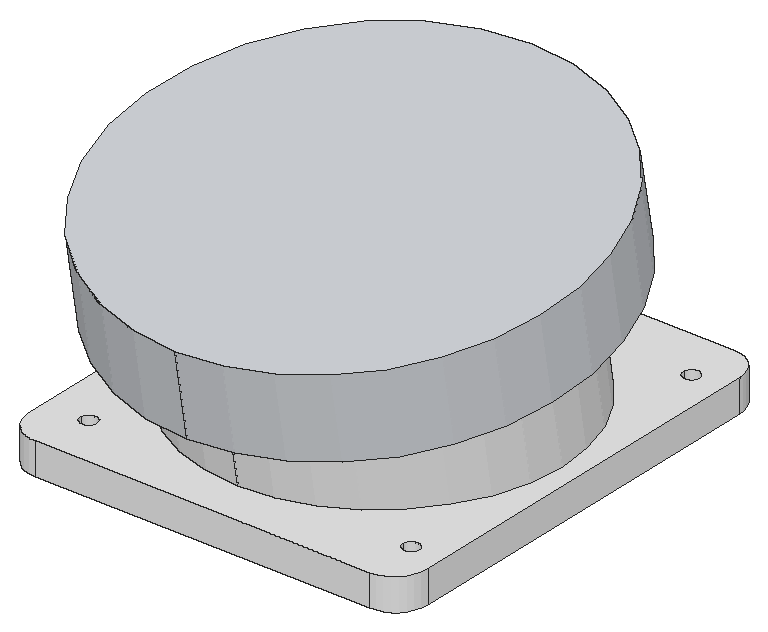
Revit family "Building-ConnessioniIEC309-GEWISS-IEC309HP-PRESE_FISSE_INC_10°_63A_IP66-67", category Apparecchi elettrici, host Superficie, Revit 2019
Family settings
  Host = Superficie
  Mantenere orientamento annotazione = Sì
  Quota connettore circolare = Usa diametro
  Tipo di parte = Normale
  Taglio con vuoti quando caricato = No
  Condiviso = No
  Punto di calcolo locali = Sì
Parameters (values of type "GW63269H - PR.INC.10° HP IP67 2P+T 63A-250Vcc 8H")
  simbolo acceso [instance] = yes
  distanza_simbolo [instance] = 1 mm
  distanza dal piano [instance] = 0 mm
  W = 115 mm  # constant formula
  Voltaggio = 0 V
  Versione file RFA = "21.11"
  URL = "https://www.gewiss.com/it/it"
  Tipologia = "Presa fissa da incasso 10°"
  Tipo Materiale = "Halogen free secondo norma EN 60754-2"
  Tipo Cablaggio = "A mantello"
  Termopressione con biglia = "125 °C (Parti attive) - 80 °C (Parti passive)"
  Tensione nominale: = "-250 V"
  Temperatura di utilizzo = "-25 +55 °C"
  Spostamento_effettivo_S [instance] = 4000 mm - Spostamento_S  # 3050 mm
  Spostamento_S = 950 mm
  Sportello_visibile = yes
  Scheda Tecnica = "https://www.gewiss.com/it/it/search?q=GW63269H"
  SPinotto = Default(2)
  SEO = "Presa"
  Riferimento h = "8"
  Resistenza di isolamento = "- 10 M?"
  Resistenza agli urti = "IK09"
  Prospetto di default = 500 mm
  Produttore = "GEWISS S.p.A."
  Potere d'interruzione a 1,1 Un = "79A"
  Piastra = Default(2)
  N.poli = 1
  N. poli = "2P+T"
  N. Manovre complessive = "-2000"
  Modello = "GW63269H"
  L = 155 mm  # constant formula
  Immagine tipo = (empty or 0)
  IDT = "f31e6adf160a4e7098cc0e80221f4c29"
  IDF = "75769a8a-6c09-4904-b595-df7f522446c4"
  Grado di protezione = "IP66/IP67"
  Glow wire test: = "850 °C (Parti attive) - 650 °C (Parti passive)"
  Frequenza = "c.c."
  FORMULA = 1000 mm * 1  # 1000 mm
  Dimensioni flangia (mm) = "110x100"
  Descrizione = "PR.INC.10° HP IP67 2P+T 63A >250Vcc 8H"
  Creato da GEWISS S.p.A. = ""
  Corrente nominale (A) = "63"
  Corpo centrale = Default(2)
  Colore: = "Grigio"
  Codice Electrocod = "2211"
  Catalogo = "BUILDING"
  Caratteristiche = ""
  CapacitÃ  serraggio morsetti = "6-16 mm² cavi flessibili - 6-25 mm² cavi rigidi"
  COBie.Tagnumber = ""
  COBie.CreatedOn = ""
  COBie.CreatebBy = ""
  COBie.ComponentRegisterItemID = ""
  COBie.Component.TagNumber = ""
  COBie.Component.Space = ""
  COBie.Component.SerialNumber = ""
  COBie.Component.InstallationDate = ""
  COBie.Component.Description = ""
  COBie.Component.BarCode = ""
  BLOCCO = "B=C"
Types (27, lengths in mm): name | Tensione nominale: | Scheda Tecnica | Riferimento h | N. poli | Modello | IDT | Frequenza | Descrizione | Colore: | Caratteristiche
  GW63246H - PR.INC.10° HP IP67 2P+T 63A 110V 4H | "100 - 130 V" | "https://www.gewiss.com/it/it/search?q=GW63246H" | "4" | "2P+T" | "GW63246H" | "64373ac5fd5345248effe9ea556f403e" | "50/60 Hz" | "PR.INC.10° HP IP67 2P+T 63A 110V 4H" | "Giallo" | ""
  GW63247H - PR.INC.10° HP IP67 3P+T 63A 110V 4H | "100 - 130 V" | "https://www.gewiss.com/it/it/search?q=GW63247H" | "4" | "3P+T" | "GW63247H" | "96fff2f2b0d14c53a42f5cbcbe85e18c" | "50/60 Hz" | "PR.INC.10° HP IP67 3P+T 63A 110V 4H" | "Giallo" | ""
  GW63248H - PR.INC.10° HP IP67 3P+N+T 63A 110V 4H | "100 - 130 V" | "https://www.gewiss.com/it/it/search?q=GW63248H" | "4" | "3P+N+T" | "GW63248H" | "d0fdf3bd18f941a287cdd9c3bc56534c" | "50/60 Hz" | "PR.INC.10° HP IP67 3P+N+T 63A 110V 4H" | "Giallo" | ""
  GW63249H - PR.INC.10° HP IP67 2P+T 63A 230V 6H | "200 - 250 V" | "https://www.gewiss.com/it/it/search?q=GW63249H" | "6" | "2P+T" | "GW63249H" | "590c302058ee47b193fc130dc2678151" | "50/60 Hz" | "PR.INC.10° HP IP67 2P+T 63A 230V 6H" | "Blu" | ""
  GW63249PH - PR.INC.10° HP IP67 2P+T 63A 230V 6H CP | "200 - 250 V" | "https://www.gewiss.com/it/it/search?q=GW63249PH" | "6" | "2P+T" | "GW63249PH" | "6777cdde86e34b05afa117d8ca89d644" | "50/60 Hz" | "PR.INC.10° HP IP67 2P+T 63A 230V 6H CP" | "Blu" | "Contatto pilota"
  GW63250H - PR.INC.10° HP IP67 3P+T 63A 230V 9H | "200 - 250 V" | "https://www.gewiss.com/it/it/search?q=GW63250H" | "9" | "3P+T" | "GW63250H" | "724f12282a7745d1b1d71ad95c7dc122" | "50/60 Hz" | "PR.INC.10° HP IP67 3P+T 63A 230V 9H" | "Blu" | ""
  GW63251H - PR.INC.10° HP IP67 3P+N+T 63A 230V 9H | "200 - 250 V" | "https://www.gewiss.com/it/it/search?q=GW63251H" | "9" | "3P+N+T" | "GW63251H" | "57373d4f788a4e2185e3be7ed1a3eb96" | "50/60 Hz" | "PR.INC.10° HP IP67 3P+N+T 63A 230V 9H" | "Blu" | ""
  GW63252H - PR.INC.10° HP IP67 2P+T 63A 400V 9H | "380 - 415 V" | "https://www.gewiss.com/it/it/search?q=GW63252H" | "9" | "2P+T" | "GW63252H" | "c1dc21a1ba424380b11c58b6eb3752e8" | "50/60 Hz" | "PR.INC.10° HP IP67 2P+T 63A 400V 9H" | "Rosso" | ""
  GW63253H - PR.INC.10° HP IP67 3P+T 63A 400V 6H | "380 - 415 V" | "https://www.gewiss.com/it/it/search?q=GW63253H" | "6" | "3P+T" | "GW63253H" | "769f8592287248289d4500e1675262f6" | "50/60 Hz" | "PR.INC.10° HP IP67 3P+T 63A 400V 6H" | "Rosso" | ""
  GW63253PH - PR.INC.10° HP IP67 3P+T 63A 400V 6H CP | "380 - 415 V" | "https://www.gewiss.com/it/it/search?q=GW63253PH" | "6" | "3P+T" | "GW63253PH" | "0666ebda405846109e46a50849688af2" | "50/60 Hz" | "PR.INC.10° HP IP67 3P+T 63A 400V 6H CP" | "Rosso" | "Contatto pilota"
  GW63254H - PR.INC.10° HP IP67 3P+N+T 63A 400V 6H | "346 - 415 V" | "https://www.gewiss.com/it/it/search?q=GW63254H" | "6" | "3P+N+T" | "GW63254H" | "06785219332e43aaa5b252b5556ee789" | "50/60 Hz" | "PR.INC.10° HP IP67 3P+N+T 63A 400V 6H" | "Rosso" | ""
  GW63254PH - PR.INC.10° HP IP67 3P+N+T 63A 400V 6H CP | "346 - 415 V" | "https://www.gewiss.com/it/it/search?q=GW63254PH" | "6" | "3P+N+T" | "GW63254PH" | "c7567ee8ac624c2e87592bcd6a4c51e8" | "50/60 Hz" | "PR.INC.10° HP IP67 3P+N+T 63A 400V 6H CP" | "Rosso" | "Contatto pilota"
  GW63255H - PR.INC.10° HP IP67 3P+T 63A 500V 7H | "480 - 500 V" | "https://www.gewiss.com/it/it/search?q=GW63255H" | "7" | "3P+T" | "GW63255H" | "a74f5f1c0d834135aefcf7329f393ffb" | "50/60 Hz" | "PR.INC.10° HP IP67 3P+T 63A 500V 7H" | "Nero" | ""
  GW63256H - PR.INC.10° HP IP67 3P+N+T 63A 500V 7H | "480 - 500 V" | "https://www.gewiss.com/it/it/search?q=GW63256H" | "7" | "3P+N+T" | "GW63256H" | "b61eb6284d754539b853e3448a6bd979" | "50/60 Hz" | "PR.INC.10° HP IP67 3P+N+T 63A 500V 7H" | "Nero" | ""
  GW63257H - PR.INC.10° HP IP67 2P+T 63A 500V 7H | "480 - 500 V" | "https://www.gewiss.com/it/it/search?q=GW63257H" | "7" | "2P+T" | "GW63257H" | "38b3edc20e7e4604946dd5b96bc01d56" | "50/60 Hz" | "PR.INC.10° HP IP67 2P+T 63A 500V 7H" | "Nero" | ""
  GW63258H - PR.INC.10° HP IP67 3P+T 63A 690V 5H | "600 - 690 V" | "https://www.gewiss.com/it/it/search?q=GW63258H" | "5" | "3P+T" | "GW63258H" | "d70c01c4ad544787a6cc34f018b554c1" | "50/60 Hz" | "PR.INC.10° HP IP67 3P+T 63A 690V 5H" | "Nero" | ""
  GW63259H - PR.INC.10° HP IP67 3P+N+T 63A 690V 5H | "600 - 690 V" | "https://www.gewiss.com/it/it/search?q=GW63259H" | "5" | "3P+N+T" | "GW63259H" | "9395ad7f9e8d432299ec69dac31f8194" | "50/60 Hz" | "PR.INC.10° HP IP67 3P+N+T 63A 690V 5H" | "Nero" | ""
  GW63260H - PR.INC.10° HP IP67 2P+T 63A-50V 10H | "-50 V" | "https://www.gewiss.com/it/it/search?q=GW63260H" | "10" | "2P+T" | "GW63260H" | "0c2841780ee94c02af126f3014c55105" | "100 - 300 Hz" | "PR.INC.10° HP IP67 2P+T 63A >50V 10H" | "Verde" | ""
  GW63261H - PR.INC.10° HP IP67 3P+T 63A-50V 10H | "-50 V" | "https://www.gewiss.com/it/it/search?q=GW63261H" | "10" | "3P+T" | "GW63261H" | "1290900aa11448b28a0f71ef3db6efdf" | "100 - 300 Hz" | "PR.INC.10° HP IP67 3P+T 63A >50V 10H" | "Verde" | ""
  GW63262H - PR.INC.10° HP IP67 3P+N+T 63A-50V 10H | "-50 V" | "https://www.gewiss.com/it/it/search?q=GW63262H" | "10" | "3P+N+T" | "GW63262H" | "946f4d0326224ca1bf81d29c6a9ba316" | "100 - 300 Hz" | "PR.INC.10° HP IP67 3P+N+T 63A >50V 10H" | "Verde" | ""
  GW63263H - PR.INC.10° HP IP67 2P+T 63A-50V 2H | "-50 V" | "https://www.gewiss.com/it/it/search?q=GW63263H" | "2" | "2P+T" | "GW63263H" | "b8ad0c41e2d748ff9f7afd136abeff2f" | "-300 - 500 Hz" | "PR.INC.10° HP IP67 2P+T 63A >50V 2H" | "Verde" | ""
  GW63264H - PR.INC.10° HP IP67 3P+T 63A-50V 2H | "-50 V" | "https://www.gewiss.com/it/it/search?q=GW63264H" | "2" | "3P+T" | "GW63264H" | "db84880caa4d4de2bb52969cf19a798b" | "-300 - 500 Hz" | "PR.INC.10° HP IP67 3P+T 63A >50V 2H" | "Verde" | ""
  GW63265H - PR.INC.10° HP IP67 3P+N+T 63A-50V 2H | "-50 V" | "https://www.gewiss.com/it/it/search?q=GW63265H" | "2" | "3P+N+T" | "GW63265H" | "99533b0e57f246a4b07afcb182b23db5" | "-300 - 500 Hz" | "PR.INC.10° HP IP67 3P+N+T 63A >50V 2H" | "Verde" | ""
  GW63266H - PR.INC.10° HP IP67 3P+T 63A 440÷460V 11H | "440 - 460 V" | "https://www.gewiss.com/it/it/search?q=GW63266H" | "11" | "3P+T" | "GW63266H" | "66f0d861c6154ce8b9f98feb3c89eacd" | "60 Hz" | "PR.INC.10° HP IP67 3P+T 63A 440÷460V 11H" | "Rosso" | ""
  GW63267H - PR.INC.10° HP IP67 3P+N+T 63A440÷460V11H | "440 - 460 V" | "https://www.gewiss.com/it/it/search?q=GW63267H" | "11" | "3P+N+T" | "GW63267H" | "81e3b2d1e5be4bf19c3afb40f5f958ea" | "60 Hz" | "PR.INC.10° HP IP67 3P+N+T 63A440÷460V11H" | "Rosso" | ""
  GW63268H - PR.INC.10° HP IP67 2P+T 63A-50÷250Vcc3H | "-50 - 250 V" | "https://www.gewiss.com/it/it/search?q=GW63268H" | "3" | "2P+T" | "GW63268H" | "1f7de29cd3b2492d916bfb5dd67cf8a2" | "c.c." | "PR.INC.10° HP IP67 2P+T 63A >50÷250Vcc3H" | "Grigio" | ""
  GW63269H - PR.INC.10° HP IP67 2P+T 63A-250Vcc 8H | "-250 V" | "https://www.gewiss.com/it/it/search?q=GW63269H" | "8" | "2P+T" | "GW63269H" | "f31e6adf160a4e7098cc0e80221f4c29" | "c.c." | "PR.INC.10° HP IP67 2P+T 63A >250Vcc 8H" | "Grigio" | ""
Reference planes
  plane 1 "Centro (Fronte/Retro)": y = 0
  plane 2: z = 0
  plane 3 "Centro (Sinistra/Destra)": x = 0
  plane 4: x = -3000
  plane 5: x = 50
  plane 6: z = 0
Dimensions and locks
  plane 4 to plane 3 "Centro (Sinistra/Destra)" = 3000 mm
  "Spostamento_effettivo_S": plane 4 to plane 5
  "distanza dal piano": plane 6 to plane 2
  aligned and locked: plane 2 to host face
  aligned and locked: level to host face
  aligned and locked: plane 3 "Centro (Sinistra/Destra)" to nested 1
  aligned and locked: plane 1 "Centro (Fronte/Retro)" to nested 1
  aligned and locked: nested 2 to plane 5
Automatic sketch dimensions
  host sketch curve to host sketch curve = 2438.4 mm  (x2)
Nested families
  nested 1: "IEC309 PRESE FISSE INCASSO 10' 63A IP66-67_base" at (0, 0, 0), type "IEC309 PRESE FISSE INCASSO 10' 63A IP66-67_base"
  nested 2: "GWGW62201FH - SIMBOLO_PRESA" at (50, 171.559, 0), visible <- "simbolo acceso", Distanza dal muro <- "distanza_simbolo", type "3P"
    with SIMBOLO ACCESO yes, Distanza dal muro 1 mm
Connectors
  electrical at (37.5, 30, 0), driven by "N.poli", driven by "Voltaggio"
    settings: on nested 1, index 1, voltage 0 V, apparent load 0 VA, apparent load phase1 0 VA, apparent load phase2 0 VA, apparent load phase3 0 VA, power factor 1, load classification "Altro", number of poles 1, system type 31, power factor state 1, is connector primary yes, connector utility no, sub classification motor no, connector description ""
Definition of nested family "IEC309 PRESE FISSE INCASSO 10' 63A IP66-67_base"
  Parameters (values of type "IEC309 PRESE FISSE INCASSO 10' 63A IP66-67_base")
    sp_ghiera = 16 mm
    r2 = 39 mm
    h = 114 mm  # constant formula
    dis_base = 71 mm
    Sportello = yes
    Spinotto = none
    R1 = 45 mm
    PIASTRA = none
    Lunghezza totale = 140 mm
    CENTRALE = none
    Bsae = 100 mm  # constant formula
  Reference planes
    plane 1 "Centro (Fronte/Retro)": y = 0
    plane 2: z = 0
    plane 3 "Centro (Sinistra/Destra)": x = 0
    plane 4: x = 100
    plane 5: y = 13
    plane 6: x = 92
    plane 7: y = 101
    plane 8: y = 114
    plane 9: z = 8.057
    plane 10: z = 23.239
    plane 11: y = 55
    plane 12: x = 50
  Forms (mm)
    Extrusion 1, solid, material <- "PIASTRA"
      sketch origin (0, 0, 0) x (1, 0, 0) y (0, 1, 0)
        loop
          arc (8, 114) -> (2.343, 111.657) -> (0, 106) r 8
          line (0, 106) -> (0, 8)
          arc (0, 8) -> (2.343, 2.343) -> (8, 0) r 8
          line (8, 0) -> (92, 0)
          arc (92, 0) -> (97.657, 2.343) -> (100, 8) r 8
          line (100, 8) -> (100, 106)
          arc (100, 106) -> (97.657, 111.657) -> (92, 114) r 8
          line (92, 114) -> (8, 114)
      from 0 to 8.057
    Extrusion 2, void
      sketch origin (0, 0, 0) x (1, 0, 0) y (0, 1, 0)
        loop
          circle (11, 101) r 2.072
        loop
          circle (92, 101) r 2.072
        loop
          circle (11, 13) r 2.072
        loop
          circle (92, 13) r 2.072
      from 0 to 8.057
    Sweep 3, solid
      path origin (0, 22.5, 4.375) x (0, 1, 0) y (0, 0, 1)
        loop
          line (31.399, 31.724) -> (27.61, 52.968)
      profile origin (0, 52.005, 46.721) x (0, -0.98447, -0.175554) y (1, 0, 0)
        loop
          circle (2.861, 50) r 57
    Sweep 4, solid, material <- "PIASTRA"
      path origin (0, 19.375, 5) x (0, 1, 0) y (0, 0, 1)
        loop
          line (31.823, 29.346) -> (37.947, -5)
      profile origin (0, 54.26, 17.173) x (0, 0.98447, 0.175554) y (1, 0, 0)
        loop
          circle (0.728, 50) r 45
    Extrusion 5, solid
      sketch origin (0, 0, 0) x (0, 1, 0) y (0, 0, 1)
        loop
          line (87.879, 27.406) -> (91.291, 8.057) -> (107.891, 8.057) -> (114.358, 20.197)
          arc (114.358, 20.197) -> (115.047, 22.576) -> (114.715, 25.03) r 6
          arc (114.715, 25.03) -> (112.556, 29.598) -> (107.674, 30.897) r 6
          line (107.674, 30.897) -> (87.879, 27.406)
      from 33.937 to 42.078
    Extrusion 6, solid
      sketch origin (0, 0, 0) x (0, 1, 0) y (0, 0, 1)
        loop
          line (114.624, 26.03) -> (113.322, 33.416)
          arc (113.322, 33.416) -> (112.705, 34.384) -> (111.585, 34.633) r 1.5
          line (111.585, 34.633) -> (109.124, 34.199) -> (108.683, 36.66) -> (102.976, 35.653) -> (102.699, 37.229) -> (96.374, 36.114) -> (99.035, 29.374) -> (107.674, 30.897)
          arc (107.674, 30.897) -> (112.157, 29.903) -> (114.624, 26.03) r 6
      from 42.078 to 57.922
    Extrusion 7, solid
      sketch origin (100, 0, 0) x (0, 1, 0) y (0, 0, -1)
        loop
          line (87.879, -27.406) -> (107.674, -30.897)
          arc (107.674, -30.897) -> (112.556, -29.598) -> (114.715, -25.03) r 6
          arc (114.715, -25.03) -> (115.047, -22.576) -> (114.358, -20.197) r 6
          line (114.358, -20.197) -> (107.891, -8.057) -> (91.291, -8.057) -> (87.879, -27.406)
      from 33.937 to 42.078
  Cuts and joins
    Extrusion 2 cuts Extrusion 1
    joined: Extrusion 1, Sweep 4
  Dimensions and locks
    "Bsae": plane 3 "Centro (Sinistra/Destra)" to plane 4
    locked: plane 6 to plane 4 at 8
    "h": plane 1 "Centro (Fronte/Retro)" to plane 8
    plane 3 "Centro (Sinistra/Destra)" to plane 4 = 100 mm
    locked: plane 9 to level at 8.057
    plane 10 to plane 9 = 15.181 mm
    plane 8 to plane 7 = 13 mm
    equal spacing: plane 3 "Centro (Sinistra/Destra)", plane 12, plane 4
    radius of Extrusion 1 sketch curve = 8 mm  (x4)
    "R1": radius of Sweep 4 sketch curve
    aligned and locked: level to plane 2
    aligned and locked: plane 8 to Extrusion 1
    aligned and locked: Extrusion 1 to plane 3 "Centro (Sinistra/Destra)"
    aligned and locked: plane 1 "Centro (Fronte/Retro)" to Extrusion 1
    aligned and locked: Extrusion 1 to plane 4
    aligned and locked: plane 7 to Extrusion 2 sketch curve  (x2)
    aligned and locked: plane 6 to Extrusion 2 sketch curve  (x2)
    aligned and locked: Extrusion 2 sketch curve to plane 5
    aligned and locked: plane 5 to Extrusion 2 sketch curve
    aligned and locked: plane 12 to Sweep 4 sketch curve
  Automatic sketch dimensions
    Extrusion 1 sketch curve to plane 3 "Centro (Sinistra/Destra)" = 0 mm
    Extrusion 1 sketch curve to plane 6 = 0 mm
    plane 1 "Centro (Fronte/Retro)" to Extrusion 1 sketch curve = 0 mm
    Extrusion 1 sketch curve to plane 8 = 0 mm
    plane 3 "Centro (Sinistra/Destra)" to Extrusion 2 sketch curve = 11 mm  (x2)
    Sweep 3 sketch curve to plane 11 = 4.89 mm
    Sweep 3 sketch curve to plane 11 = 1.101 mm
    plane 10 to Sweep 3 sketch curve = 12.86 mm
    Sweep 3 sketch curve to Sweep 3 sketch curve = 21.244 mm
    Sweep 3 sketch curve to profile plane = 2.861 mm
    plane 3 "Centro (Sinistra/Destra)" to Sweep 3 sketch curve = 50 mm
    Sweep 4 sketch curve to level = 0 mm
    Sweep 4 sketch curve to plane 11 = 3.802 mm
    plane 11 to Sweep 4 sketch curve = 2.322 mm
    plane 10 to Sweep 4 sketch curve = 11.107 mm
    Extrusion 5 sketch curve to plane 9 = 0 mm
    plane 10 to Extrusion 5 sketch curve = 4.168 mm
    Extrusion 5 sketch curve to plane 7 = 13.121 mm
    Extrusion 5 sketch curve to plane 7 = 9.709 mm
    Extrusion 5 sketch curve to plane 8 = 6.109 mm
    plane 10 to Extrusion 5 sketch curve = 1.749 mm
    Extrusion 5 sketch curve to plane 8 = 5.284 mm
    Extrusion 5 sketch curve to plane 10 = 0.221 mm
    Extrusion 5 sketch curve to Extrusion 5 sketch curve = 0.347 mm
    Extrusion 5 sketch curve to Extrusion 5 sketch curve = 1.042 mm
    Extrusion 5 sketch curve to Extrusion 5 sketch curve = 0 mm  (x4)
    plane 8 to Extrusion 5 sketch curve = 0.358 mm
    plane 8 to Extrusion 5 sketch curve = 0.715 mm
    Extrusion 5 sketch curve to plane 10 = 3.042 mm
    Extrusion 6 sketch curve to plane 7 = 4.626 mm
    Extrusion 6 sketch curve to plane 7 = 1.965 mm
    plane 7 to Extrusion 6 sketch curve = 1.699 mm
    Extrusion 6 sketch curve to Extrusion 6 sketch curve = 0.278 mm
    Extrusion 6 sketch curve to plane 8 = 5.317 mm
    plane 10 to Extrusion 6 sketch curve = 1.749 mm
    Extrusion 6 sketch curve to plane 8 = 5.284 mm
    Extrusion 6 sketch curve to Extrusion 6 sketch curve = 0.44 mm
    Extrusion 6 sketch curve to plane 8 = 2.155 mm
    plane 10 to Extrusion 6 sketch curve = 6.135 mm
    Extrusion 6 sketch curve to Extrusion 6 sketch curve = 8.168 mm
    Extrusion 6 sketch curve to Extrusion 6 sketch curve = 1.043 mm
    Extrusion 6 sketch curve to Extrusion 6 sketch curve = 1.455 mm
    Extrusion 6 sketch curve to Extrusion 6 sketch curve = 0.461 mm
    Extrusion 6 sketch curve to Extrusion 6 sketch curve = 2.461 mm
    Extrusion 6 sketch curve to Extrusion 6 sketch curve = 1.576 mm
    Extrusion 6 sketch curve to Extrusion 6 sketch curve = 1.45 mm
    Extrusion 6 sketch curve to Extrusion 6 sketch curve = 0 mm  (x8)
    Extrusion 6 sketch curve to Extrusion 6 sketch curve = 0.261 mm
    Extrusion 6 sketch curve to plane 8 = 0.678 mm
    plane 8 to Extrusion 6 sketch curve = 0.624 mm
    plane 10 to Extrusion 6 sketch curve = 2.791 mm
    Extrusion 6 sketch curve to Extrusion 6 sketch curve = 0.26 mm
    Extrusion 7 sketch curve to plane 9 = 0 mm
    plane 10 to Extrusion 7 sketch curve = 4.168 mm
    Extrusion 7 sketch curve to plane 7 = 13.121 mm
    Extrusion 7 sketch curve to plane 7 = 9.709 mm
    Extrusion 7 sketch curve to plane 8 = 6.109 mm
    plane 10 to Extrusion 7 sketch curve = 1.749 mm
    Extrusion 7 sketch curve to plane 8 = 5.284 mm
    Extrusion 7 sketch curve to plane 10 = 0.221 mm
    Extrusion 7 sketch curve to Extrusion 7 sketch curve = 0.347 mm
    Extrusion 7 sketch curve to Extrusion 7 sketch curve = 1.042 mm
    Extrusion 7 sketch curve to Extrusion 7 sketch curve = 0 mm  (x4)
    plane 8 to Extrusion 7 sketch curve = 0.358 mm
    plane 8 to Extrusion 7 sketch curve = 0.715 mm
    Extrusion 7 sketch curve to Extrusion 7 sketch curve = 5.909 mm
    Sweep 4 sketch curve to profile plane = 0.728 mm
    radius of Extrusion 2 sketch curve = 2.072 mm  (x4)
    radius of Sweep 3 sketch curve = 57 mm
Definition of nested family "GWGW62201FH - SIMBOLO_PRESA"
  Parameters (values of type "3P")
    SIMBOLO ACCESO [instance] = yes
    Distanza dal muro [instance] = 0 mm
  Reference planes
    plane 1: y = 0
    plane 2: x = 0
  Dimensions and locks
    "Distanza dal muro": plane 1 to nested 1
    aligned and locked: plane 2 to nested 1
  Nested families
    nested 1: "GWGW62201FH - SIMBOLO" at (0, 0, 0), visible <- "SIMBOLO ACCESO", type "3P"
  Definition of nested family "GWGW62201FH - SIMBOLO"
    Parameters (values of type "3P")
      CORNICE SIMBOLO [instance] = yes
      3P = yes
    Reference planes
      plane 1: y = 0
      plane 2: x = 0
    Lines and regions (mm)
      detail lines
        curve 1: circle (-0.314, 0.674, 0) r 0.057 normal (0, 0, 1)
        curve 2: arc (0.346, -0.009, 0) -> (0, 0.337, 0) -> (-0.346, -0.009, 0) r 0.346
        curve 3: line (0, 0.337, 0) -> (0.346, 0.337, 0)
        curve 4: line (0, 3.386, 0) -> (0, 0.337, 0)
        curve 5: line (0, 0.337, 0) -> (-0.314, 0.674, 0)
